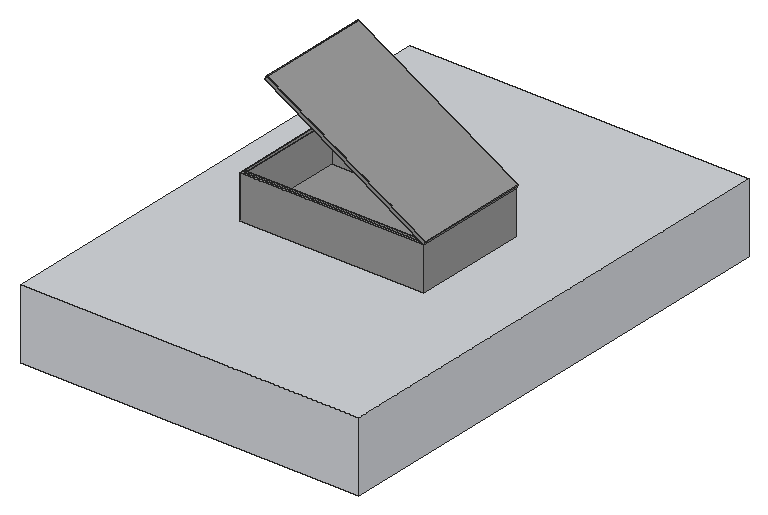
Revit family "Hager-Univers-IP44-D205-H500-Cl.I-Encl-CH-en", category Equipement électrique, Revit 2020
Family settings
  Hôte = Face
  Configuration du panneau = Deux colonnes, circuits au sein
  Cote de connecteur circulaire = Utiliser le diamètre
  Type d'élément = Tableau de raccordement
  Couper avec des vides une fois chargée = Non
  Partagée = Non
  Point de calcul de pièce = Non
Parameters (values of type "Surface mounted (plaster) IP44 W800 H500 D205  - FP33TN2")
  Width Control [instance] = if([EF000008 - Width] > Min Width, [EF000008 - Width], Min Width)  # 800 mm
  Commentaires du type = [HG000003 - Range]  # "Univers"
  Thickness Door [instance] = if([EF009171 - Material plate thickness door/cover] > 3 mm, 3 mm, [EF009171 - Material plate thickness door/cover])  # 1 mm
  Seal Frame Offset [instance] = 17 mm  # constant formula
  Plinth Visibility [instance] = [HG000027 - Plinth height] > 0 mm  # no
  Model = ""
  Min Width [instance] = 100 mm  # constant formula
  Min Height [instance] = 100 mm  # constant formula
  Min Depth [instance] = (2 * [EF009170 - Material plate thickness cabinet]) + 1 mm  # 3 mm
  Internal Frame Depth [instance] = (Door System Depth * 0.5)  # 9 mm
  Height Control [instance] = if([EF000040 - Height] > Min Height, [EF000040 - Height], Min Height)  # 500 mm
  HG000027 - Plinth height = 0 mm
  HG000026 - Floor standing = no
  HG000024 - Bottom section height = 800 mm
  HG000023 - Double section enclosure = no
  HG000016 - Door 3d visibility [instance] = yes
  HG000015 - Clearance visibility [instance] = no
  HG000014 - Door on the right [instance] = yes
  HG000013 - Door on the left [instance] = not([HG000014 - Door on the right])  # no
  HG000012 - Door swing angle [instance] = 30.00°
  HG000010 - Asymmetric doors = no
  HG000009 - Double swing door = no
  HG000006 - Flush mounted = no
  HG000004 - Manufacturer reference = "FP33TN2"
  HG000003 - Range = "Univers"
  HG000002 - With door or cover = yes
  Frame Offset Bottom [instance] = 10 mm  # constant formula
  Frame Offset [instance] = 15 mm  # constant formula
  EF015940 - Cover with overpressure release = no
  EF011959 - Degree of protection (NEMA) = ""
  EF009554 - Number of openings for flange plates = 6
  EF009212 - Cover model = "EV000116 - Closed"
  EF009171 - Material plate thickness door/cover = 1 mm
  EF009170 - Material plate thickness cabinet = 1 mm
  Fabricant = "Hager"  # constant formula
  EF008873 - Nominal current (In) = 250 A
  EF007800 - Suitable for lightning protection = no
  EF006306 - With lock = no
  EF006244 - Transparent cover/door = no
  EF005474 - Degree of protection (IP) = "EV006418 - IP44"
  EF004464 - Type of door = "EV002646 - Single"
  EF004427 - Number of modules = 108
  EF004293 - Impact strength = "EV006815 - IK09"
  EF003532 - Suitable for outdoor use = no
  EF002950 - Width in number of modular spacings = 36
  EF001613 - Circuit integrity = "EV000494 - None"
  EF001596 - Material housing = "EV000179 - Steel"
  EF001131 - Internal depth = 205 mm
  EF001088 - Extension possible = yes
  EF000437 - Number of conduit inlets = 6
  EF000339 - Type of cover = "EV001012 - Cover"
  EF000266 - Number of rows = 3
  EF000218 - Built-in depth = 205 mm
  EF000118 - With mounting plate = no
  EF000116 - RAL-number = "9010"
  EF000049 - Depth = 205 mm
  EF000040 - Height = 500 mm
  EF000008 - Width = 800 mm
  EF000007 - Colour = "EV000202 - White"
  EF000003 - Mounting method = "EV000384 - Surface mounted (plaster)"
  Door System Leaf Tolerance [instance] = 1.5 mm  # constant formula
  Door System Depth [instance] = 18 mm  # constant formula
  Door Height [instance] = Height Control - [HG000027 - Plinth height]  # 500 mm
  Depth Control [instance] = if([EF000049 - Depth] > Min Depth, [EF000049 - Depth], Min Depth)  # 205 mm
  Default Elevation = 0 mm
  Connector Offset [instance] = Height Control / 2  # 250 mm
  Bottom Top Plate Trim [instance] = 1.5 mm  # constant formula
  Plinth height Ctrl [instance] = if([HG000027 - Plinth height] > 0 mm, [HG000027 - Plinth height], 12 mm)  # 12 mm
Types (10, lengths in mm): name | Width Control | HG000010 - Asymmetric doors | HG000009 - Double swing door | HG000004 - Manufacturer reference | EF009554 - Number of openings for flange plates | EF004464 - Type of door | EF004427 - Number of modules | EF002950 - Width in number of modular spacings | EF000437 - Number of conduit inlets | EF000218 - Built-in depth | EF000008 - Width
  Surface mounted (plaster) IP44 W1050 H500 D205  - FP34QT | 1050 | no | no | "FP34QT" | 8 | "EV003602 - Double" | 144 | 48 | 8 | 0 | 1050
  Surface mounted (plaster) IP44 W1050 H500 D205  - FP34TN2 | 1050 | no | yes | "FP34TN2" | 8 | "EV003602 - Double" | 144 | 48 | 8 | 205 | 1050
  Surface mounted (plaster) IP44 W1300 H500 D205  - FP35QT | 1300 | no | no | "FP35QT" | 10 | "EV003602 - Double" | 180 | 60 | 10 | 0 | 1300
  Surface mounted (plaster) IP44 W1300 H500 D205  - FP35TN2 | 1300 | yes | yes | "FP35TN2" | 10 | "EV003602 - Double" | 180 | 60 | 10 | 205 | 1300
  Surface mounted (plaster) IP44 W300 H500 D205  - FP31QT | 300 | no | no | "FP31QT" | 2 | "EV002646 - Single" | 36 | 12 | 2 | 0 | 300
  Surface mounted (plaster) IP44 W300 H500 D205  - FP31TN2 | 300 | no | no | "FP31TN2" | 2 | "EV002646 - Single" | 36 | 12 | 2 | 205 | 300
  Surface mounted (plaster) IP44 W550 H500 D205  - FP32QT | 550 | no | no | "FP32QT" | 4 | "EV002646 - Single" | 72 | 24 | 4 | 0 | 550
  Surface mounted (plaster) IP44 W550 H500 D205  - FP32TN2 | 550 | no | no | "FP32TN2" | 4 | "EV002646 - Single" | 72 | 24 | 4 | 205 | 550
  Surface mounted (plaster) IP44 W800 H500 D205  - FP33QT | 800 | no | no | "FP33QT" | 6 | "EV002646 - Single" | 108 | 36 | 6 | 0 | 800
  Surface mounted (plaster) IP44 W800 H500 D205  - FP33TN2 | 800 | no | no | "FP33TN2" | 6 | "EV002646 - Single" | 108 | 36 | 6 | 205 | 800
Reference planes
  plane 1 "Center (Front/Back)": y = 0
  plane 2: z = 0
  plane 3 "Center (Left/Right)": x = 0
  plane 4: z = 205
  plane 5: y = 1
  plane 6: y = 250
  plane 7: y = 0
  plane 8: y = 500
  plane 9: z = 0
  plane 10: x = -385
  plane 11: x = 385
  plane 12: x = 384
  plane 13: x = -384
  plane 14: y = 499
  plane 15: x = -383
  plane 16: x = -400
  plane 17: x = 383
  plane 18: x = 400
  plane 19: x = 399
  plane 20: x = -399
  plane 21: y = 11
  plane 22: y = 500
  plane 23: y = 484
  plane 24: z = 187
  plane 25: z = 1
  plane 26: z = 186
  plane 27: z = 204
Forms (mm)
  Extrusion 1, solid
    sketch origin (0, 0, 0) x (1, 0, 0) y (0, 1, 0)
      loop
        line (-702.964, 1305) -> (-702.964, -811.445) -> (766.763, -811.445) -> (766.763, 1305) -> (-702.964, 1305)
    from 0 to -304.8
  Extrusion 2, solid, material "Hager_Steel_RAL7035_Light_Grey", visible <- "Plinth Visibility", detail levels medium+fine
    sketch origin (0, 0, 0) x (1, 0, 0) y (0, 1, 0)
      loop
        line (-400, 0) -> (400, 0) -> (400, 12) -> (-400, 12) -> (-400, 0)
    from 0 to 187
  Extrusion 3, solid, material "Hager_Steel_RAL7035_Light_Grey", detail levels medium+fine
    sketch origin (0, 0, 0) x (1, 0, 0) y (0, 1, 0)
      loop
        line (-400, 0) -> (400, 0) -> (400, 500) -> (-400, 500) -> (-400, 0)
    from 0 to 187
  Extrusion 4, void
    sketch origin (0, 0, 0) x (1, 0, 0) y (0, 1, 0)
      loop
        line (-399, 1) -> (399, 1) -> (399, 499) -> (-399, 499) -> (-399, 1)
    from 1 to 186
  Extrusion 5, void
    sketch origin (-381.607, -4572, 187) x (0, -1, 0) y (-1, 0, 0)
      loop
        line (-4583, 2.393) -> (-5056, 2.393) -> (-5056, -765.607) -> (-4583, -765.607) -> (-4583, 2.393)
    from 0 to 1 <- "EF009170 - Material plate thickness cabinet"
  Extrusion 6, solid, material "Hager_Steel_RAL7035_Light_Grey", detail levels fine
    sketch origin (0, 0, 187) x (1, 0, 0) y (0, 1, 0)
      loop
        line (-384, 484) -> (-384, 11) -> (384, 11) -> (384, 484) -> (-384, 484)
      loop
        line (-385, 10) -> (385, 10) -> (385, 485) -> (-385, 485) -> (-385, 10)
    from 0 to 9 <- "Internal Frame Depth"
  Extrusion 7, solid, material "Hager_Steel_RAL7035_Light_Grey", detail levels coarse
    sketch origin (0, 0, 0) x (1, 0, 0) y (0, 1, 0)
      loop
        line (-400, 0) -> (400, 0) -> (400, 500) -> (-400, 500) -> (-400, 0)
    from 0 to 205
  Sweep 8, void
    path in 3D
      loop
        line (-400, 12, 0) -> (400, 12, 0) -> (400, 12, 187) -> (-400, 12, 187) -> (-400, 12, 0)
    profile origin (-400, 12, 93.5) x (-1, 0, 0) y (0, -1, 0)
      loop
        line (0, 0) -> (0, 1.5) -> (-1.5, 1.5)
        arc (-1.5, 1.5) -> (-1.061, 0.439) -> (0, 0) r 1.5
Cuts and joins
  Extrusion 4, Extrusion 5 cuts Extrusion 3
  Sweep 8 cuts Extrusion 2
Lines and regions (mm)
  Masking region 1
    outline origin (0, 0, 0) x (1, 0, 0) y (0, 0, 1)
      loop
        line (-400, 205) -> (-400, 0) -> (400, 0) -> (400, 205) -> (-400, 205)
  Masking region 2, detail levels medium+fine
    outline origin (0, 140, 0) x (0, 1, 0) y (0, 0, 1)
      loop
        line (-140, 0) -> (360, 0) -> (360, 187) -> (-140, 187) -> (-140, 0)
  Masking region 3, not visible, detail levels medium+fine
    outline origin (0, 297.922, 0) x (0, 1, 0) y (0, 0, 1)
      loop
        line (-36.422, 0) -> (3.578, 0) -> (3.578, 194)
        arc (3.578, 194) -> (0.649, 201.071) -> (-6.422, 204) r 10
        line (-6.422, 204) -> (-36.422, 204) -> (-36.422, 0)
  Masking region 4, detail levels coarse
    outline origin (0, 0, 180) x (0, 1, 0) y (0, 0, 1)
      loop
        line (0, -180) -> (500, -180) -> (500, 25) -> (0, 25) -> (0, -180)
  Masking region 5, visible <- "Plinth Visibility", detail levels medium+fine
    outline origin (0, 52.24, 12.345) x (0, 0, -1) y (0, 1, 0)
      loop
        line (10.845, -40.24) -> (-173.155, -40.24)
        arc (-173.155, -40.24) -> (-173.594, -41.301) -> (-174.655, -41.74) r 1.5
        line (-174.655, -41.74) -> (-174.655, -52.24) -> (12.345, -52.24) -> (12.345, -41.74)
        arc (12.345, -41.74) -> (11.285, -41.301) -> (10.845, -40.24) r 1.5
  Masking region 6, detail levels medium+fine
    outline origin (-381.607, -4572, 187) x (-1, 0, 0) y (0, -1, 0)
      loop
        line (18.393, -5072) -> (18.393, -4572) -> (-781.607, -4572) -> (-781.607, -5072) -> (18.393, -5072)
  Masking region 7, visible <- "Plinth Visibility", detail levels medium+fine
    outline origin (-381.607, -4727, 187) x (-1, 0, 0) y (0, -1, 0)
      loop
        arc (16.893, -4739) -> (17.332, -4737.939) -> (18.393, -4737.5) r 1.5
        line (18.393, -4737.5) -> (18.393, -4727) -> (-781.607, -4727) -> (-781.607, -4737.5)
        arc (-781.607, -4737.5) -> (-780.546, -4737.939) -> (-780.107, -4739) r 1.5
        line (-780.107, -4739) -> (16.893, -4739)
  Masking region 8, detail levels coarse
    outline origin (-442.548, -4669.526, 187) x (-1, 0, 0) y (0, -1, 0)
      loop
        line (-42.548, -5169.526) -> (-42.548, -4669.526) -> (-842.548, -4669.526) -> (-842.548, -5169.526) -> (-42.548, -5169.526)
  sketch lines
    curve 1: line (-400, 12, 187) -> (-400, 12, 0)
    curve 2: line (400, 12, 187) -> (-400, 12, 187)
    curve 3: line (400, 12, 187) -> (400, 12, 0)
    curve 4: line (-400, 12, 0) -> (400, 12, 0)
Dimensions and locks
  "Depth Control": plane 4 to Extrusion 1
  "HG000027 - Plinth height": plane 1 "Center (Front/Back)" to plane 7
  "EF009170 - Material plate thickness cabinet": plane 5 to plane 7
  locked: connector elem to plane 3 "Center (Left/Right)"
  equal spacing: plane 8, plane 6, plane 7
  locked: connector elem to plane 6
  "EF009170 - Material plate thickness cabinet": plane 8 to plane 14
  "EF009170 - Material plate thickness cabinet": plane 10 to plane 13
  "EF009170 - Material plate thickness cabinet": plane 12 to plane 11
  "Frame Offset": plane 20 to plane 13
  "Frame Offset": plane 12 to plane 19
  "EF009170 - Material plate thickness cabinet": plane 16 to plane 20
  "EF009170 - Material plate thickness cabinet": plane 19 to plane 18
  "Seal Frame Offset": plane 16 to plane 15
  "Seal Frame Offset": plane 17 to plane 18
  "Frame Offset Bottom": plane 21 to plane 5
  "Frame Offset": plane 14 to plane 23
  equal spacing: plane 16, plane 3 "Center (Left/Right)", plane 18
  "Width Control": plane 16 to plane 18
  "EF009170 - Material plate thickness cabinet": plane 4 to plane 27
  "EF009170 - Material plate thickness cabinet": plane 24 to plane 26
  "EF009170 - Material plate thickness cabinet": plane 25 to level
  "Door System Depth": plane 4 to plane 24
  "Height Control": plane 1 "Center (Front/Back)" to Extrusion 7 sketch curve
  "Height Control": Masking region 4 sketch curve to plane 1 "Center (Front/Back)"
  "Height Control": plane 1 "Center (Front/Back)" to plane 22
  "Bottom Top Plate Trim": profile plane to Sweep 8 sketch curve
  "Bottom Top Plate Trim": Sweep 8 sketch curve to profile plane
  "Plinth height Ctrl": plane 1 "Center (Front/Back)" to Extrusion 2 sketch curve
  "Plinth height Ctrl": Masking region 5 sketch curve to plane 1 "Center (Front/Back)"
  "Plinth height Ctrl": plane 1 "Center (Front/Back)" to Masking region 7 sketch curve
  "Thickness Door": Extrusion 6 sketch curve to Extrusion 6 sketch curve  (x3)
  "Thickness Door": cut or joined group of Extrusion 3, Extrusion 4, Extrusion 5 to Extrusion 6 sketch curve
  radius of Masking region 3 sketch curve = 10 mm
  "Bottom Top Plate Trim": radius of Masking region 5 sketch curve  (x2)
  "Bottom Top Plate Trim": radius of Sweep 8 sketch curve
  "Bottom Top Plate Trim": radius of Masking region 7 sketch curve  (x2)
  aligned and locked: plane 2 to Extrusion 1
  aligned and locked: level to Extrusion 1
  aligned and locked: level to Masking region 1 sketch curve
  aligned and locked: Masking region 1 sketch curve to plane 18
  aligned and locked: Masking region 1 sketch curve to plane 16
  aligned and locked: plane 7 to Masking region 2 sketch curve
  aligned and locked: level to Masking region 3 sketch curve
  aligned and locked: Masking region 3 sketch curve to plane 27
  aligned and locked: level to Masking region 2 sketch curve
  aligned and locked: plane 1 "Center (Front/Back)" to Extrusion 2 sketch curve
  aligned and locked: Extrusion 3 sketch curve to plane 7
  aligned and locked: plane 16 to Extrusion 3 sketch curve
  aligned and locked: plane 18 to Extrusion 3 sketch curve
  aligned and locked: plane 20 to Extrusion 4 sketch curve
  aligned and locked: plane 19 to Extrusion 4 sketch curve
  aligned and locked: Extrusion 4 sketch curve to plane 5
  aligned and locked: Extrusion 4 to plane 25
  aligned and locked: plane 26 to Extrusion 4
  aligned and locked: plane 24 to Extrusion 3
  aligned and locked: Extrusion 5 sketch curve to plane 21
  aligned and locked: Extrusion 5 sketch curve to plane 13
  aligned and locked: Extrusion 5 sketch curve to plane 12
  aligned and locked: plane 18 to Extrusion 7 sketch curve
  aligned and locked: plane 1 "Center (Front/Back)" to Extrusion 7 sketch curve
  aligned and locked: plane 16 to Extrusion 7 sketch curve
  aligned and locked: plane 4 to Extrusion 7
  aligned and locked: Extrusion 7 to level
  aligned and locked: level to Masking region 4 sketch curve
  aligned and locked: Masking region 4 sketch curve to plane 1 "Center (Front/Back)"
  aligned and locked: Masking region 4 sketch curve to plane 4
  aligned and locked: nested 1 to level
  aligned and locked: nested 1 to plane 16
  aligned and locked: plane 8 to Extrusion 3 sketch curve
  aligned and locked: plane 23 to Extrusion 5 sketch curve
  aligned and locked: plane 14 to Extrusion 4 sketch curve
  aligned and locked: Masking region 2 sketch curve to plane 8
  aligned and locked: level to Masking region 5 sketch curve
  aligned and locked: plane 16 to Extrusion 2 sketch curve
  aligned and locked: plane 18 to Extrusion 2 sketch curve
  aligned and locked: Masking region 5 sketch curve to plane 24
  aligned and locked: Masking region 2 sketch curve to plane 24
  aligned and locked: plane 24 to Extrusion 2
  aligned and locked: profile plane to Sweep 8 sketch curve  (x2)
  aligned and locked: Masking region 6 sketch curve to plane 18
  aligned and locked: Masking region 6 sketch curve to plane 22
  aligned and locked: Masking region 6 sketch curve to plane 16
  aligned and locked: plane 8 to plane 22
  aligned and locked: Masking region 6 sketch curve to plane 7
  aligned and locked: Masking region 7 sketch curve to plane 16
  aligned and locked: Masking region 7 sketch curve to plane 1 "Center (Front/Back)"
  aligned and locked: Masking region 7 sketch curve to plane 18
  aligned and locked: Masking region 8 sketch curve to plane 1 "Center (Front/Back)"
  aligned and locked: Masking region 8 sketch curve to plane 18
  aligned and locked: Masking region 8 sketch curve to plane 22
  aligned and locked: Masking region 8 sketch curve to plane 16
  aligned and locked: nested 2 to plane 7
  aligned and locked: plane 3 "Center (Left/Right)" to nested 2
  aligned and locked: nested 2 to plane 24
  aligned and locked: Extrusion 6 sketch curve to cut or joined group of Extrusion 3, Extrusion 4, Extrusion 5  (x4)
Automatic sketch dimensions
  Extrusion 1 sketch curve to Extrusion 1 sketch curve = 1469.727 mm
  Extrusion 1 sketch curve to Extrusion 1 sketch curve = 2116.445 mm
  Masking region 1 sketch curve to plane 4 = 0 mm
  plane 6 to Masking region 3 sketch curve = 11.5 mm
  Masking region 3 sketch curve to Masking region 3 sketch curve = 30 mm
  Masking region 5 sketch curve to plane 1 "Center (Front/Back)" = 0 mm
Nested families
  nested 1: "Hager_Enclosure_Symbol" at (-400, 0, 0) x (1, 0, 0) z (0, -1, 0), Height <- "Depth Control", Width <- "Width Control", type "Hager_Enclosure_Symbol"
    with Width_Ctrl 800 mm, Width 800 mm, Height_Ctrl 205 mm, Height 205 mm, A_Width_Int 13.453 mm, A_Width 161.438 mm, A_Height_Ctrl 179.375 mm, A_Height 179.375 mm
  nested 2: "EC000058_Univers_Door" at (0, 0, 187) x (1, 0, 0) z (0, 1, 0), Leaf_Tolerance <- "Door System Leaf Tolerance", Angle <- "HG000012 - Door swing angle", Door_Depth <- "Door System Depth", Door_Left <- "HG000013 - Door on the left", Transparent <- "EF006244 - Transparent cover/door", Assymetrical <- "HG000010 - Asymmetric doors", Width <- "Width Control", Clearance <- "HG000015 - Clearance visibility", Double <- "HG000009 - Double swing door", 3d_Door <- "HG000016 - Door 3d visibility", Lock_Visibility <- "EF006306 - With lock", Width_Ctrl <- "Width Control", Door_Right <- "HG000014 - Door on the right", Door <- "HG000002 - With door or cover", Height <- "Door Height", Thickness <- "Thickness Door", type "EC000058_Univers_Door", detail levels medium+fine
    with min_wh 3 mm, Width_Ctrl 800 mm, Width 800 mm, Transparent no, Thickness 1 mm, Seal_Material Hager_Rubber, Lock_Visibility no, Lock_Material Hager_Plastic_RAL9005_Jet_Black, Leaf_Width 800 mm, Leaf_Tolerance_External_Sides 0 mm, Leaf_Tolerance 1.5 mm, Leaf_Offset 0 mm, Leaf_Height 497 mm, Leaf_2_Width 800 mm, Leaf_2_Offset 400 mm, Leaf_1_Width 800 mm, Leaf_1_Offset 400 mm, Height_Ctrl 500 mm, Height 500 mm, Glass_Material Hager_Glass, Double_Clearance_Ctrl no, Double no, Door_Right_Ctrl yes, Door_Right yes, Door_Material Hager_Steel_RAL7035_Light_Grey, Door_Left_Ctrl no, Door_Left no, Door_Depth 18 mm, Door yes, Clearance_Material Hager_Clearance, Clearance_Depth 800 mm, Clearance_Ctrl no, Clearance no, Assymetrical no, Angle 30.00°, 3d_Door yes
Connectors
  electrical at (0, 250, 0)
    settings: on plane 9, index 1, voltage 0 V, apparent load 0 VA, apparent load phase1 0 VA, apparent load phase2 0 VA, apparent load phase3 0 VA, power factor 1, load classification "Other", number of poles 1, system type 30, power factor state 1, is connector primary yes, connector utility no, sub classification motor no, connector description ""
Definition of nested family "EC000058_Univers_Door"
  Parameters (values of type "EC000058_Univers_Door")
    min_wh [instance] = (2 * Thickness) + 1 mm  # 11 mm
    Width_Ctrl [instance] = 400 mm
    Width [instance] = 500 mm
    Transparent [instance] = yes
    Thickness [instance] = 5 mm
    Seal_Material [instance] = none
    Lock_Visibility [instance] = yes
    Lock_Material [instance] = none
    Leaf_Width [instance] = if((Width_Ctrl - 2 * Leaf_Tolerance_External_Sides) > 0 mm, (Width_Ctrl - 2 * Leaf_Tolerance_External_Sides), min_wh)  # 400 mm
    Leaf_Tolerance_External_Sides [instance] = 0 mm  # constant formula
    Leaf_Tolerance [instance] = 1.5 mm
    Leaf_Offset [instance] = 0 mm  # constant formula
    Leaf_Height [instance] = if((Height_Ctrl - 2 * Leaf_Tolerance) > 0 mm, (Height_Ctrl - 2 * Leaf_Tolerance), min_wh)  # 497 mm
    Leaf_2_Width [instance] = if(and(and(Double, Assymetrical), Door_Left), (Leaf_Width / 3) - (Leaf_Tolerance / 2), if(and(and(Double, Assymetrical), Door_Right), (Leaf_Width / 3) * 2 - (Leaf_Tolerance / 2), if(and(Double, not(Assymetrical)), (Leaf_Width / 2) - Leaf_Tolerance, Leaf_Width)))  # 400 mm
    Leaf_2_Offset [instance] = if(and(Double, Assymetrical), Leaf_2_Width / 2, if(and(Double, not(Assymetrical)), Leaf_Width / 4, Leaf_Width / 2))  # 200 mm
    Leaf_1_Width [instance] = if(and(and(Double, Assymetrical), Door_Right), (Leaf_Width / 3) - (Leaf_Tolerance / 2), if(and(and(Double, Assymetrical), Door_Left), (Width / 3) * 2 - (Leaf_Tolerance / 2), if(and(Double, not(Assymetrical)), (Leaf_Width / 2) - Leaf_Tolerance, Leaf_Width)))  # 400 mm
    Leaf_1_Offset [instance] = if(and(Double, Assymetrical), Leaf_1_Width / 2, if(and(Double, not(Assymetrical)), Leaf_Width / 4, Leaf_Width / 2))  # 200 mm
    Height_Ctrl [instance] = if(Height > min_wh, Height, min_wh)  # 500 mm
    Height [instance] = 500 mm
    Glass_Material [instance] = none
    Double_Clearance_Ctrl [instance] = and(Double, Clearance)  # no
    Double [instance] = no
    Door_Right_Ctrl [instance] = and(or(Door_Right, Double), Door)  # yes
    Door_Right [instance] = yes
    Door_Material [instance] = none
    Door_Left_Ctrl [instance] = and(or(Door_Left, Double), Door)  # no
    Door_Left [instance] = no
    Door_Depth [instance] = 30 mm
    Door [instance] = yes
    Default Elevation = 1219.2 mm
    Clearance_Material [instance] = none
    Clearance_Depth [instance] = if(Leaf_1_Width > Leaf_2_Width, Leaf_1_Width, Leaf_2_Width)  # 400 mm
    Clearance_Ctrl [instance] = and(not(Double), Clearance)  # yes
    Clearance [instance] = yes
    Assymetrical [instance] = yes
    Angle [instance] = 30.00°
    3d_Door [instance] = yes
  Reference planes
    plane 1 "Center (Front/Back)": y = 0
    plane 2 "Bottom": z = 0
    plane 3 "Center (Left/Right)": x = 0
    plane 4: z = 500
    plane 5: x = -200
    plane 6: x = 200
    plane 7: z = 500
    plane 8: x = -200
    plane 9: z = 0
    plane 10: x = 200
    plane 11: y = 0
    plane 12: z = 1.5
    plane 13: x = -600
    plane 14: y = -400
    plane 15: x = 600
    plane 16: x = 0
    plane 17: x = 0
    plane 18: x = -200
    plane 19: x = 200
    plane 20: z = 498.5
  Forms (mm)
    Extrusion 1, solid, material <- "Clearance_Material", visible <- "Double_Clearance_Ctrl"
      sketch origin (1200, 0, 0) x (1, 0, 0) y (0, 0, -1)
        loop
          line (-1800, -498.5) -> (-600, -498.5) -> (-600, 0) -> (-1800, 0) -> (-1800, -498.5)
      from 0 to -400
  Dimensions and locks
    equal spacing: plane 5, plane 3 "Center (Left/Right)", plane 6
    "Width_Ctrl": plane 5 to plane 6
    "Leaf_Offset": plane 5 to plane 8
    "Leaf_Offset": plane 6 to plane 10
    "Leaf_Offset": plane 9 to level
    "Leaf_Offset": plane 4 to plane 7
    "Height_Ctrl": plane 4 to level
    "Leaf_Tolerance": plane 12 to plane 9
    locked: plane 11 to plane 1 "Center (Front/Back)"
    "Leaf_1_Offset": plane 18 to plane 16
    "Leaf_2_Offset": plane 17 to plane 19
    "Leaf_1_Width": plane 13 to plane 8
    "Leaf_2_Width": plane 10 to plane 15
    "Clearance_Depth": plane 14 to plane 1 "Center (Front/Back)"
    "Leaf_Tolerance_External_Sides": plane 8 to plane 18
    "Leaf_Tolerance_External_Sides": plane 19 to plane 10
    "Leaf_Tolerance": plane 7 to plane 20
    aligned and locked: level to plane 2 "Bottom"
    aligned and locked: nested 1 to plane 16
    aligned and locked: nested 2 to plane 17
    aligned and locked: Extrusion 1 to plane 13
    aligned and locked: plane 15 to Extrusion 1
    aligned and locked: Extrusion 1 to plane 14
    aligned and locked: plane 12 to nested 1
    aligned and locked: nested 2 to plane 12
    aligned and locked: Extrusion 1 to plane 11
    aligned and locked: plane 20 to Extrusion 1
    aligned and locked: nested 2 to plane 11
    aligned and locked: nested 1 to plane 11
  Automatic sketch dimensions
    Extrusion 1 sketch curve to level = 0 mm
    plane 5 to Extrusion 1 sketch curve = 400 mm
    plane 6 to Extrusion 1 sketch curve = 400 mm
    Extrusion 1 sketch curve to plane 4 = 1.5 mm
  Nested families
    nested 1: "EC000058_Univers_Door_Leaf" at (0, 0, 1.5), Width <- "Leaf_1_Width", visible <- "Door_Left_Ctrl", Leaf_Height <- "Leaf_Height", Angle <- "Angle", 3d_Door <- "3d_Door", Transparent <- "Transparent", Clearance Material <- "Clearance_Material", Clearance <- "Clearance_Ctrl", Door_Material <- "Door_Material", Glass_Material <- "Glass_Material", Door_Depth <- "Door_Depth", Lock_Material <- "Lock_Material", Seal_Material <- "Seal_Material", Lock_Visibility <- "Lock_Visibility", Thickness <- "Thickness", type "EC000058_Univers_Door_Leaf"
      with Width 400 mm, Transparent_Glass_Offset 30 mm, Transparent_Ctrl yes, Transparent yes, Thickness 5 mm, Standard no, Seal_Material none, Seal_D2 8 mm, Seal_D1 1 mm, Offset_Internal_Frame 10 mm, Lock_Width 20 mm, Lock_Visibility_3d yes, Lock_Visibility yes, Lock_Thickness_3 3 mm, Lock_Thickness_2 1 mm, Lock_Thickness_1 3 mm, Lock_Radius_Offset_2 16 mm, Lock_Radius_Offset_1 15 mm, Lock_Radius_2 5 mm, Lock_Radius 6 mm, Lock_Offset 5 mm, Lock_Material none, Lock_Height 80 mm, Lock_Cover_Top_Offset_2d 17 mm, Lock_Cover_Height -65 mm, Leaf_Height 497 mm, Internal_Seal_Thickness 8 mm, Internal_Seal_Depth_2 4.5 mm, Internal_Frame_Depth 25 mm, Glass_Thickness -1 mm, Glass_Offset -2 mm, Glass_Material none, Door_Material none, Door_Depth 30 mm, Clearance Material none, Clearance yes, Angle_Ctrl 30.00°, Angle 30.00°, 3d_Door yes
    nested 2: "EC000058_Univers_Door_Leaf" at (0, 0, 1.5) x (-1, 0, 0) z (0, 0, 1), Width <- "Leaf_2_Width", visible <- "Door_Right_Ctrl", Leaf_Height <- "Leaf_Height", Angle <- "Angle", 3d_Door <- "3d_Door", Transparent <- "Transparent", Clearance Material <- "Clearance_Material", Clearance <- "Clearance_Ctrl", Door_Material <- "Door_Material", Glass_Material <- "Glass_Material", Door_Depth <- "Door_Depth", Lock_Material <- "Lock_Material", Seal_Material <- "Seal_Material", Lock_Visibility <- "Lock_Visibility", Thickness <- "Thickness", type "EC000058_Univers_Door_Leaf"
      with Width 400 mm, Transparent_Glass_Offset 30 mm, Transparent_Ctrl yes, Transparent yes, Thickness 5 mm, Standard no, Seal_Material none, Seal_D2 8 mm, Seal_D1 1 mm, Offset_Internal_Frame 10 mm, Lock_Width 20 mm, Lock_Visibility_3d yes, Lock_Visibility yes, Lock_Thickness_3 3 mm, Lock_Thickness_2 1 mm, Lock_Thickness_1 3 mm, Lock_Radius_Offset_2 16 mm, Lock_Radius_Offset_1 15 mm, Lock_Radius_2 5 mm, Lock_Radius 6 mm, Lock_Offset 5 mm, Lock_Material none, Lock_Height 80 mm, Lock_Cover_Top_Offset_2d 17 mm, Lock_Cover_Height -65 mm, Leaf_Height 497 mm, Internal_Seal_Thickness 8 mm, Internal_Seal_Depth_2 4.5 mm, Internal_Frame_Depth 25 mm, Glass_Thickness -1 mm, Glass_Offset -2 mm, Glass_Material none, Door_Material none, Door_Depth 30 mm, Clearance Material none, Clearance yes, Angle_Ctrl 30.00°, Angle 30.00°, 3d_Door yes
  Definition of nested family "EC000058_Univers_Door_Leaf"
    Parameters (values of type "EC000058_Univers_Door_Leaf")
      Width [instance] = 2000 mm
      Transparent_Glass_Offset [instance] = 30 mm
      Transparent_Ctrl [instance] = and(Transparent, [3d_Door])  # yes
      Transparent [instance] = yes
      Thickness [instance] = 5 mm
      Standard [instance] = and(not(Transparent), [3d_Door])  # no
      Seal_Material [instance] = none
      Seal_D2 [instance] = 8 mm  # constant formula
      Seal_D1 [instance] = 1 mm  # constant formula
      Offset_Internal_Frame [instance] = 10 mm  # constant formula
      Lock_Width [instance] = 20 mm  # constant formula
      Lock_Visibility_3d [instance] = and(Lock_Visibility, [3d_Door])  # yes
      Lock_Visibility [instance] = yes
      Lock_Thickness_3 [instance] = 3 mm  # constant formula
      Lock_Thickness_2 [instance] = 1 mm  # constant formula
      Lock_Thickness_1 [instance] = 3 mm  # constant formula
      Lock_Radius_Offset_2 [instance] = Lock_Radius_Offset_1 + 1 mm  # 16 mm
      Lock_Radius_Offset_1 [instance] = 15 mm  # constant formula
      Lock_Radius_2 [instance] = Lock_Radius - 1 mm  # 5 mm
      Lock_Radius [instance] = 6 mm  # constant formula
      Lock_Offset [instance] = 5 mm  # constant formula
      Lock_Material [instance] = none
      Lock_Height [instance] = 80 mm  # constant formula
      Lock_Cover_Top_Offset_2d [instance] = Lock_Radius_Offset_2 + 1 mm  # 17 mm
      Lock_Cover_Height [instance] = -(Lock_Height - Lock_Radius_Offset_1)  # -65 mm
      Leaf_Height [instance] = 2720.336 mm
      Internal_Seal_Thickness [instance] = 8 mm  # constant formula
      Internal_Seal_Depth_2 [instance] = 4.5 mm  # constant formula
      Internal_Frame_Depth [instance] = if(Door_Depth - Thickness > 5 mm, Door_Depth - Thickness, 5 mm)  # 25 mm
      Glass_Thickness [instance] = if(Thickness > 15 mm, Glass_Offset + 10 mm, -1 mm)  # -1 mm
      Glass_Offset [instance] = if(Thickness > 15 mm, -(Thickness + 10 mm) / 2, -2 mm)  # -2 mm
      Glass_Material [instance] = none
      Door_Material [instance] = none
      Door_Depth [instance] = 30 mm
      Default Elevation = 0 mm
      Clearance Material [instance] = none
      Clearance [instance] = yes
      Angle_Ctrl [instance] = if(Angle > 180.00°, 180.00°, Angle)  # 90.00°
      Angle [instance] = 90.00°
      3d_Door [instance] = yes
    Reference planes
      plane 1 "Center (Front/Back)": y = 0
      plane 2: z = 0
      plane 3 "Center (Left/Right)": x = 0
      plane 4: y = 2000
      plane 5: x = -1000
      plane 6: x = 1000
      plane 7: x = -3000
      plane 8: z = 2720.336
      plane 9: z = 30
      plane 10: z = 2690.336
      plane 11: x = 970
      plane 12: x = -970
      plane 13: y = -3
      plane 14: z = 107.833
      plane 15: y = -5
      plane 16: y = -223.314
      plane 17: x = -1000
      plane 18: z = 1360.168
      plane 19: y = 30
    Forms (mm)
      Extrusion 1, solid, material <- "Clearance Material", visible <- "Clearance"
        sketch origin (0, 0, 0) x (1, 0, 0) y (0, 0, 1)
          loop
            line (-3000, 2720.336) -> (-3000, 0) -> (1000, 0) -> (1000, 2720.336) -> (-3000, 2720.336)
        from 0 to -2000
      Extrusion 2, solid, material <- "Door_Material", visible <- "Standard", detail levels medium+fine
        sketch origin (-1000, 0, 0) x (0, 1, 0) y (-1, 0, 0)
          loop
            line (0, 30) -> (0, 25) -> (2000, 25) -> (2000, 30) -> (0, 30)
        from 0 to 2720.336 <- "Leaf_Height"
      Extrusion 3, solid, material <- "Door_Material", visible <- "Transparent_Ctrl", detail levels medium+fine
        sketch origin (-1000, 0, 0) x (0, 1, 0) y (-1, 0, 0)
          loop
            line (0, 25) -> (2000, 25) -> (2000, 30) -> (0, 30) -> (0, 25)
        from 0 to 2720.336 <- "Leaf_Height"
      Extrusion 4, void
        sketch origin (-1025, 2000, 0) x (0, 1, 0) y (0, 0, -1)
          loop
            line (-30, -2690.336) -> (-30, -30) -> (-1970, -30) -> (-1970, -2690.336) -> (-30, -2690.336)
        from 0 to 5 <- "Thickness"
      Sweep 5, solid, material <- "Seal_Material", visible <- "Transparent_Ctrl", detail levels fine
        path in 3D
          loop
            line (-1025, 30, 30) -> (-1025, 30, 2690.336) -> (-1025, 1970, 2690.336) -> (-1025, 1970, 30) -> (-1025, 30, 30)
        profile origin (-1025, 1000, 30) x (1, 0, 0) y (0, 0, 1)
          loop
            line (0, 0) -> (0, -8) -> (1, -8) -> (1, 0) -> (0, 0)
      Extrusion 6, solid, material <- "Glass_Material", visible <- "Transparent_Ctrl", detail levels medium+fine
        sketch origin (-1030, 0, 0) x (0, 1, 0) y (0, 0, -1)
          loop
            line (1970, -2690.336) -> (1970, -30) -> (30, -30) -> (30, -2690.336) -> (1970, -2690.336)
        from -2 <- "Glass_Offset" to -1 <- "Glass_Thickness"
      Extrusion 7, solid, material <- "Door_Material", visible <- "3d_Door", detail levels medium+fine
        sketch origin (-1025, 2000, 0) x (0, -1, 0) y (0, 0, -1)
          loop
            line (0, -2720.336) -> (2000, -2720.336) -> (2000, 0) -> (0, 0) -> (0, -2720.336)
          loop
            line (1995, -5) -> (5, -5) -> (5, -2715.336) -> (1995, -2715.336) -> (1995, -5)
        from 0 to 25 <- "Internal_Frame_Depth"
      Sweep 8, solid, material <- "Seal_Material", visible <- "Transparent_Ctrl", detail levels fine
        path in 3D
          loop
            line (-1025, 0, 0) -> (-1025, 2000, 0) -> (-1025, 2000, 2720.336) -> (-1025, 0, 2720.336) -> (-1025, 0, 0)
        profile origin (-1025, 0, 1360.168) x (1, 0, 0) y (0, 1, 0)
          loop
            line (0, 10) -> (2.975, 10)
            arc (2.975, 10) -> (4.053, 10.447) -> (4.5, 11.525) r 1.525
            line (4.5, 11.525) -> (4.5, 16.527)
            arc (4.5, 16.527) -> (4.069, 17.569) -> (3.027, 18) r 1.473
            line (3.027, 18) -> (0, 18) -> (0, 10)
      Extrusion 9, solid, material <- "Lock_Material", visible <- "Lock_Visibility_3d", detail levels fine
        sketch origin (-1030, 0, 0) x (0, 1, 0) y (0, 0, -1)
          loop
            arc (1993.5, -1400.168) -> (1994.561, -1399.729) -> (1995, -1398.668) r 1.5
            line (1995, -1398.668) -> (1995, -1320.168) -> (1975, -1320.168) -> (1975, -1398.668)
            arc (1975, -1398.668) -> (1975.439, -1399.729) -> (1976.5, -1400.168) r 1.5
            line (1976.5, -1400.168) -> (1993.5, -1400.168)
        from 3 <- "Lock_Thickness_1" to 0
      Blend 10, solid, material <- "Lock_Material", visible <- "Lock_Visibility_3d", detail levels fine
        base sketch origin (-1033, 0, 0) x (0, 1, 0) y (0, 0, -1)
          loop
            line (1975, -1320.168) -> (1975, -1398.668)
            arc (1975, -1398.668) -> (1975.439, -1399.729) -> (1976.5, -1400.168) r 1.5
            line (1976.5, -1400.168) -> (1993.5, -1400.168)
            arc (1993.5, -1400.168) -> (1994.561, -1399.729) -> (1995, -1398.668) r 1.5
            line (1995, -1398.668) -> (1995, -1320.168) -> (1975, -1320.168)
        top sketch origin (-1033, 0, 0) x (0, 1, 0) y (0, 0, -1)
          loop
            line (1976, -1320.168) -> (1976, -1398.668)
            arc (1976, -1398.668) -> (1976.146, -1399.022) -> (1976.5, -1399.168) r 0.5
            line (1976.5, -1399.168) -> (1993.5, -1399.168)
            arc (1993.5, -1399.168) -> (1993.854, -1399.022) -> (1994, -1398.668) r 0.5
            line (1994, -1398.668) -> (1994, -1320.168) -> (1976, -1320.168)
        from 0 to 1 <- "Lock_Thickness_2"
      Blend 11, solid, material <- "Lock_Material", visible <- "Lock_Visibility_3d", detail levels fine
        base sketch origin (-1034, 0, 0) x (0, 1, 0) y (0, 0, -1)
          loop
            line (1978, -1320.168) -> (1978, -1384.168)
            arc (1978, -1384.168) -> (1985, -1391.168) -> (1992, -1384.168) r 7
            line (1992, -1384.168) -> (1992, -1320.168) -> (1978, -1320.168)
        top sketch origin (-1034, 0, 0) x (0, 1, 0) y (0, 0, -1)
          loop
            line (1991, -1320.168) -> (1979, -1320.168) -> (1979, -1383.168)
            arc (1979, -1383.168) -> (1985, -1389.168) -> (1991, -1383.168) r 6
            line (1991, -1383.168) -> (1991, -1320.168)
        from 0 to 3 <- "Lock_Thickness_3"
      Extrusion 12, solid, material <- "Lock_Material", visible <- "Lock_Visibility_3d", detail levels fine
        sketch origin (-1030, 1975, 1320.168) x (1, 0, 0) y (0, -1, 0)
          loop
            line (-7, -19) -> (-7, -1) -> (0, -1) -> (0, 0) -> (-8, 0) -> (-8, -20) -> (0, -20) -> (0, -19) -> (-7, -19)
        from 0 to -65 <- "Lock_Cover_Height"
      Extrusion 13, void
        sketch origin (-1038, 1995, 1320.168) x (-1, 0, 0) y (0, 0, -1)
          loop
            line (-5, -65) -> (0, -65) -> (-5, -60) -> (-5, -65)
        from 0 to 20 <- "Lock_Width"
      Extrusion 14, void
        sketch origin (-1038, 1975, 1320.168) x (0, -1, 0) y (0, 0, -1)
          loop
            circle (-10, -15.995) r 6
          loop
            circle (-10, -15.995) r 5
        from 0 to 2
      Extrusion 15, solid, material <- "Lock_Material", visible <- "Lock_Visibility_3d", detail levels medium
        sketch origin (-1030, 0, 0) x (0, 1, 0) y (0, 0, -1)
          loop
            arc (1993.5, -1400.168) -> (1994.561, -1399.729) -> (1995, -1398.668) r 1.5
            line (1995, -1398.668) -> (1995, -1320.168) -> (1975, -1320.168) -> (1975, -1398.668)
            arc (1975, -1398.668) -> (1975.439, -1399.729) -> (1976.5, -1400.168) r 1.5
            line (1976.5, -1400.168) -> (1993.5, -1400.168)
        from 8 to 0
    Cuts and joins
      Extrusion 4 cuts Extrusion 3
      Extrusion 13, Extrusion 14 cuts Extrusion 9
      Extrusion 14 cuts Blend 11
      Extrusion 13, Extrusion 14 cuts Extrusion 12
      joined: Extrusion 9, Blend 10, Blend 11, Extrusion 12
      Extrusion 14 cuts Extrusion 15
    Lines and regions (mm)
      Masking region 1, visible <- "Lock_Visibility", detail levels fine
        outline origin (0, 0, 0) x (0, 1, 0) y (0, 0, 1)
          loop
            line (30, 1320.168) -> (33, 1320.168) -> (33, 1400.168) -> (30, 1400.168) -> (30, 1320.168)
      Masking region 2, visible <- "Lock_Visibility", detail levels fine
        outline origin (0, 3.143, 0) x (0, 1, 0) y (0, 0, 1)
          loop
            line (29.857, 1354.168) -> (30.857, 1354.168) -> (30.857, 1366.168) -> (29.857, 1366.168) -> (29.857, 1354.168)
      Masking region 3, detail levels medium+fine
        outline origin (0, 0, 0) x (0, 1, 0) y (0, 0, 1)
          loop
            line (0, 0) -> (30, 0) -> (30, 2720.336) -> (0, 2720.336) -> (0, 0)
      Masking region 4, detail levels medium+fine
        outline origin (0, 0, 0) x (1, 0, 0) y (0, 0, 1)
          loop
            line (-1000, 2720.336) -> (-1000, 0) -> (1000, 0) -> (1000, 2720.336) -> (-1000, 2720.336)
      Masking region 5, visible <- "Lock_Visibility", detail levels fine
        outline origin (-47.116, 0, 0) x (1, 0, 0) y (0, 0, 1)
          loop
            arc (1024.616, 1399.168) -> (1023.556, 1398.729) -> (1023.116, 1397.668) r 1.5
            line (1023.116, 1397.668) -> (1023.116, 1320.168) -> (1041.116, 1320.168) -> (1041.116, 1397.668)
            arc (1041.116, 1397.668) -> (1040.677, 1398.729) -> (1039.616, 1399.168) r 1.5
            line (1039.616, 1399.168) -> (1024.616, 1399.168)
      Masking region 6, visible <- "Lock_Visibility", detail levels medium+fine
        outline origin (-25, 0, 0) x (1, 0, 0) y (0, 0, 1)
          loop
            arc (1001.5, 1400.168) -> (1000.439, 1399.729) -> (1000, 1398.668) r 1.5
            line (1000, 1398.668) -> (1000, 1320.168) -> (1020, 1320.168) -> (1020, 1398.668)
            arc (1020, 1398.668) -> (1019.561, 1399.729) -> (1018.5, 1400.168) r 1.5
            line (1018.5, 1400.168) -> (1001.5, 1400.168)
      Masking region 7, visible <- "Lock_Visibility", detail levels fine
        outline origin (-73.735, 0, 0) x (1, 0, 0) y (0, 0, 1)
          loop
            line (1051.735, 1382.168) -> (1065.735, 1382.168) -> (1065.735, 1384.168)
            arc (1065.735, 1384.168) -> (1058.735, 1391.168) -> (1051.735, 1384.168) r 7
            line (1051.735, 1384.168) -> (1051.735, 1382.168)
      Masking region 8, visible <- "Lock_Visibility", detail levels fine
        outline origin (-73.735, 0, 0) x (1, 0, 0) y (0, 0, 1)
          loop
            line (1052.735, 1382.168) -> (1064.735, 1382.168) -> (1064.735, 1383.168)
            arc (1064.735, 1383.168) -> (1058.735, 1389.168) -> (1052.735, 1383.168) r 6
            line (1052.735, 1383.168) -> (1052.735, 1382.168)
      Masking region 9, visible <- "Lock_Visibility", detail levels fine
        outline origin (-25, 0, 0) x (1, 0, 0) y (0, 0, 1)
          loop
            line (1020, 1320.168) -> (1020, 1382.168) -> (1000, 1382.168) -> (1000, 1320.168) -> (1020, 1320.168)
      Masking region 10, detail levels medium+fine
        outline origin (0, 0, 0) x (1, 0, 0) y (0, 0, 1)
          loop
            circle (985, 1335.144) r 6
      Masking region 11, detail levels fine
        outline origin (0, 0, 0) x (1, 0, 0) y (0, 0, 1)
          loop
            circle (985, 1335.144) r 5
      Masking region 12, visible <- "Lock_Visibility", detail levels fine
        outline origin (0, 12.767, 0) x (0, 1, 0) y (0, 0, 1)
          loop
            line (20.233, 1320.168) -> (21.233, 1320.168) -> (21.233, 1399.168) -> (20.233, 1400.168) -> (20.233, 1320.168)
      Masking region 13, visible <- "Lock_Visibility", detail levels fine
        outline origin (0, 13.767, -10) x (0, 1, 0) y (0, 0, 1)
          loop
            line (20.233, 1330.168) -> (23.233, 1330.168) -> (23.233, 1399.168) -> (20.233, 1402.168) -> (20.233, 1330.168)
      Masking region 14, visible <- "Lock_Visibility", detail levels fine
        outline origin (0, 12.767, -10) x (0, 1, 0) y (0, 0, 1)
          loop
            line (20.233, 1330.168) -> (25.233, 1330.168) -> (25.233, 1399.305) -> (20.233, 1394.305) -> (20.233, 1330.168)
      Masking region 15, visible <- "Lock_Visibility", detail levels medium
        outline origin (0, 0, 0) x (0, 1, 0) y (0, 0, 1)
          loop
            line (30, 1320.168) -> (38, 1320.168) -> (38, 1400.168) -> (30, 1400.168) -> (30, 1320.168)
      Masking region 16, visible <- "Lock_Visibility", detail levels fine
        outline origin (-1000, 0, 0) x (0, 1, 0) y (-1, 0, 0)
          loop
            line (1975, 30) -> (1995, 30) -> (1995, 38) -> (1975, 38) -> (1975, 30)
          loop
            line (1979, 37) -> (1976, 37) -> (1976, 34) -> (1978, 34) -> (1979, 37)
          loop
            line (1994, 37) -> (1991, 37) -> (1992, 34) -> (1994, 34) -> (1994, 37)
      Masking region 17, visible <- "Lock_Visibility", detail levels medium
        outline origin (-1000, 0, 0) x (0, 1, 0) y (-1, 0, 0)
          loop
            line (1975, 30) -> (1995, 30) -> (1995, 38) -> (1975, 38) -> (1975, 30)
      symbolic lines
        curve 1: line (1000, 0, 0) -> (-3000, 0, 0)
        curve 2: arc (1000, 0, 0) -> (-1000, 2000, 0) -> (-3000, 0, 0) r 2000
        curve 4: line (-1030, 0, 0) -> (-1030, 2000, 0)
      reference lines
        curve 3: line (-1000, 0, 0) -> (-1000, 2000, 0)
      symbolic lines, detail levels medium+fine
        curve 5: line (-1030, 2000, 0) -> (-1025, 2000, 0)
        curve 7: line (-1025, 0, 0) -> (-1030, 0, 0)
        curve 8: line (-1025, 0, 0) -> (-1000, 0, 0)
        curve 9: line (-1000, 0, 0) -> (-1000, 2000, 0)
        curve 10: line (-1000, 2000, 0) -> (-1025, 2000, 0)
      symbolic lines, detail levels fine
        curve 6: line (-1025, 2000, 0) -> (-1025, 0, 0)
      sketch lines
        curve 11: line (-1025, 0, 2720.336) -> (-1025, 0, 0)
        curve 12: line (-1025, 2000, 0) -> (-1025, 0, 0)
        curve 13: line (-1025, 2000, 2720.336) -> (-1025, 2000, 0)
        curve 14: line (-1025, 0, 2720.336) -> (-1025, 2000, 2720.336)
        curve 15: line (-1025, 1970, 30) -> (-1025, 30, 30)
        curve 16: line (-1025, 30, 30) -> (-1025, 30, 2690.336)
        curve 17: line (-1025, 1970, 2690.336) -> (-1025, 1970, 30)
        curve 18: line (-1025, 30, 2690.336) -> (-1025, 1970, 2690.336)
      symbolic lines, visible <- "Transparent", detail levels medium+fine
        curve 19: line (-970, 0, 2690.336) -> (970, 0, 2690.336)
        curve 20: line (-970, 0, 30) -> (-970, 0, 2690.336)
        curve 21: line (970, 0, 30) -> (-970, 0, 30)
        curve 22: line (970, 0, 2690.336) -> (970, 0, 30)
    Dimensions and locks
      "Width": plane 1 "Center (Front/Back)" to plane 4
      equal spacing: plane 5, plane 3 "Center (Left/Right)", plane 6
      "Width": plane 5 to plane 6
      "Width": plane 7 to plane 5
      "Leaf_Height": plane 8 to level
      "Width": curve 5 to curve 3
      "Width": curve 3 to curve 3
      plane 8 to plane 10 = 30 mm
      plane 9 to level = 30 mm
      plane 12 to plane 5 = 30 mm
      plane 6 to plane 11 = 30 mm
      Extrusion 1 to Extrusion 4 sketch curve = 30 mm
      "Transparent_Glass_Offset": curve 3 to Extrusion 4 sketch curve
      "Transparent_Glass_Offset": Extrusion 4 sketch curve to cut or joined group of Extrusion 3, Extrusion 4  (x2)
      cut or joined group of Extrusion 3, Extrusion 4 to Extrusion 6 sketch curve = 30 mm
      "Transparent_Glass_Offset": cut or joined group of Extrusion 3, Extrusion 4 to Extrusion 4 sketch curve
      "Thickness": curve 6 to curve 4
      "Thickness": Extrusion 7 sketch curve to Extrusion 7 sketch curve  (x4)
      "Door_Depth": curve 4 to curve 3
      "Offset_Internal_Frame": profile plane to Sweep 8 sketch curve
      "Internal_Seal_Thickness": Sweep 8 sketch curve to Sweep 8 sketch curve
      "Internal_Seal_Depth_2": profile plane to Sweep 8 sketch curve
      "Seal_D1": profile plane to Sweep 5 sketch curve
      "Seal_D2": profile plane to Sweep 5 sketch curve
      "Thickness": Extrusion 2 sketch curve to Extrusion 2 sketch curve
      equal spacing: Extrusion 9 sketch curve, plane 18, Extrusion 9 sketch curve  (x2)
      equal spacing: Masking region 1 sketch curve, plane 18, Masking region 1 sketch curve
      "Lock_Height": Masking region 1 sketch curve to Masking region 1 sketch curve
      "Lock_Radius": Masking region 2 sketch curve to plane 18 to Masking region 2 sketch curve
      Masking region 2 sketch curve to Masking region 1 = 1 mm
      "Door_Depth": plane 19 to plane 1 "Center (Front/Back)"
      "Lock_Thickness_1": Masking region 1 sketch curve to plane 19
      "Lock_Width": Extrusion 9 sketch curve to Extrusion 9 sketch curve
      "Lock_Height": Extrusion 9 sketch curve to Extrusion 9 sketch curve
      "Lock_Offset": cut or joined group of Extrusion 3, Extrusion 4 to Extrusion 9 sketch curve
      equal spacing: plane 8, plane 18, level
      "Lock_Radius_Offset_1": Blend 11 sketch curve to Blend 10
      locked: Blend 10 to Blend 11 sketch curve at 2  (x2)
      locked: var sketch to Blend 11 sketch curve at 1  (x2)
      "Lock_Radius_Offset_2": Blend 11 sketch curve to Blend 10
      locked: Extrusion 12 sketch curve to Extrusion 12 sketch curve at 1  (x3)
      Masking region 6 sketch curve to Masking region 6 sketch curve = 80 mm
      "Lock_Height": Masking region 6 sketch curve to Masking region 6 sketch curve
      "Lock_Width": Masking region 6 sketch curve to Masking region 6 sketch curve
      locked: Masking region 6 to Masking region 5 sketch curve at 1  (x3)
      locked: Masking region 5 to Masking region 7 sketch curve at 2  (x2)
      "Lock_Radius_Offset_1": Masking region 5 to Masking region 7 sketch curve
      "Lock_Radius_Offset_2": Masking region 5 to Masking region 8 sketch curve
      locked: Masking region 7 to Masking region 8 sketch curve at 1  (x2)
      "Lock_Cover_Top_Offset_2d": Masking region 5 to Masking region 9 sketch curve
      equal spacing: Masking region 9, Masking region 10 sketch curve, Masking region 9
      equal spacing: Masking region 9, Masking region 11 sketch curve, Masking region 9
      Extrusion 15 sketch curve to Extrusion 15 sketch curve = 80 mm
      "Lock_Width": Extrusion 15 sketch curve to Extrusion 15 sketch curve
      "Lock_Height": Extrusion 15 sketch curve to Extrusion 15 sketch curve
      equal spacing: Extrusion 15 sketch curve, plane 18, Extrusion 15 sketch curve
      "Lock_Thickness_3": Masking region 13 sketch curve to Masking region 13 sketch curve
      "Lock_Height": Masking region 12 sketch curve to Masking region 12 sketch curve
      locked: Masking region 13 sketch curve to Masking region 1 at 8
      locked: Masking region 14 sketch curve to Masking region 13 at 1
      locked: Masking region 14 sketch curve to Masking region 1 at 10.863
      "Lock_Height": Masking region 15 sketch curve to Masking region 15 sketch curve
      "Lock_Offset": Extrusion 15 sketch curve to cut or joined group of Extrusion 3, Extrusion 4
      "Lock_Offset": plane 6 to Masking region 6 sketch curve
      radius of Sweep 8 sketch curve = 1.525 mm
      radius of Sweep 8 sketch curve = 1.473 mm
      radius of Extrusion 9 sketch curve = 1.5 mm  (x2)
      "Lock_Radius": radius of Extrusion 14 sketch curve
      "Lock_Radius_2": radius of Extrusion 14 sketch curve
      "Lock_Radius": radius of Masking region 10 sketch curve
      "Lock_Radius_2": radius of Masking region 11 sketch curve
      radius of Extrusion 15 sketch curve = 1.5 mm  (x2)
      "Angle_Ctrl": angle plane 1 "Center (Front/Back)" to curve 3
      locked: Masking region 12 sketch curve to Masking region 12 sketch curve (angle 45.00°)
      locked: Masking region 13 sketch curve to Masking region 13 sketch curve (angle 45.00°)
      locked: Masking region 14 sketch curve to Masking region 14 sketch curve (angle 45.00°)
      aligned and locked: level to plane 2
      aligned and locked: Extrusion 1 to curve 1
      aligned and locked: plane 6 to Extrusion 1
      aligned and locked: Extrusion 1 to plane 1 "Center (Front/Back)"
      aligned and locked: plane 4 to Extrusion 1
      aligned and locked: plane 8 to Extrusion 1
      aligned and locked: curve 7 to Extrusion 2 sketch curve
      aligned and locked: curve 5 to Extrusion 2 sketch curve
      aligned and locked: curve 7 to Extrusion 3 sketch curve
      aligned and locked: Extrusion 3 sketch curve to curve 4
      aligned and locked: Extrusion 3 sketch curve to curve 6
      aligned and locked: Extrusion 3 sketch curve to curve 5
      aligned and locked: curve 9 to curve 3
      aligned and locked: Extrusion 7 sketch curve to cut or joined group of Extrusion 3, Extrusion 4  (x4)
      aligned and locked: plane 17 to curve 3
      aligned and locked: plane 1 "Center (Front/Back)" to curve 3
      aligned and locked: plane 17 to plane 5
      aligned and locked: Sweep 8 sketch curve to profile plane
      aligned and locked: Sweep 5 sketch curve to profile plane  (x2)
      aligned and locked: Masking region 1 to Masking region 2 sketch curve
      aligned and locked: plane 19 to Masking region 1 sketch curve
      aligned and locked: plane 1 "Center (Front/Back)" to Masking region 3 sketch curve
      aligned and locked: plane 19 to Masking region 3 sketch curve
      aligned and locked: level to Masking region 3 sketch curve
      aligned and locked: Masking region 3 sketch curve to plane 8
      aligned and locked: plane 17 to Masking region 4 sketch curve
      aligned and locked: level to Masking region 4 sketch curve
      aligned and locked: Masking region 4 sketch curve to plane 8
      aligned and locked: plane 12 to curve 20
      aligned and locked: plane 10 to curve 19
      aligned and locked: plane 11 to curve 22
      aligned and locked: curve 21 to plane 9
      aligned and locked: Extrusion 2 sketch curve to cut or joined group of Extrusion 3, Extrusion 4
      aligned and locked: Blend 10 sketch curve to Extrusion 9  (x4)
      aligned and locked: Extrusion 9 to Blend 10 sketch curve
      aligned and locked: Blend 10 to Blend 11 sketch curve
      aligned and locked: Extrusion 12 sketch curve to Blend 11
      aligned and locked: Extrusion 12 sketch curve to Extrusion 9  (x4)
      aligned and locked: Masking region 5 sketch curve to Masking region 6
      aligned and locked: Masking region 9 sketch curve to Masking region 6  (x3)
      aligned and locked: Masking region 12 sketch curve to Masking region 1
      aligned and locked: Masking region 13 sketch curve to Masking region 1
      aligned and locked: Masking region 12 to Masking region 14
      aligned and locked: Masking region 14 sketch curve to Masking region 1
      aligned and locked: Masking region 15 sketch curve to Masking region 14
      aligned and locked: Masking region 13 sketch curve to Masking region 12
      aligned and locked: Masking region 16 sketch curve to cut or joined group of Extrusion 14, Extrusion 15  (x4)
      aligned and locked: Masking region 16 sketch curve to cut or joined group of Extrusion 9, Blend 10, Blend 11, Extrusion 12, Extrusion 13, Extrusion 14  (x6)
      aligned and locked: cut or joined group of Extrusion 9, Blend 10, Blend 11, Extrusion 12, Extrusion 13, Extrusion 14 to Masking region 16 sketch curve
      aligned and locked: Masking region 17 sketch curve to cut or joined group of Extrusion 14, Extrusion 15  (x3)
      aligned and locked: Masking region 17 sketch curve to cut or joined group of Extrusion 9, Blend 10, Blend 11, Extrusion 12, Extrusion 13, Extrusion 14
      aligned and locked: Masking region 9 to Masking region 8 sketch curve
      aligned and locked: Masking region 9 to Masking region 7 sketch curve
    Automatic sketch dimensions
      plane 1 "Center (Front/Back)" to curve 2 = 0 mm
      curve 2 to plane 5 = 0 mm
      Extrusion 1 sketch curve to level = 0 mm
      Extrusion 1 sketch curve to plane 7 = 0 mm
      Extrusion 1 sketch curve to plane 6 = 0 mm
      Extrusion 1 sketch curve to plane 8 = 0 mm
      Extrusion 3 to Extrusion 6 sketch curve = 30 mm  (x4)
      Masking region 4 sketch curve to plane 6 = 0 mm
      Blend 10 sketch curve to Extrusion 9 = 1.5 mm
      Blend 10 sketch curve to Extrusion 9 = 1 mm
      Extrusion 13 sketch curve to Extrusion 12 = 0 mm  (x2)
      Extrusion 12 to Extrusion 13 sketch curve = 3 mm
      Extrusion 13 sketch curve to Extrusion 12 = 5 mm
      Extrusion 14 sketch curve to Extrusion 14 sketch curve = 0 mm  (x2)
      Extrusion 14 sketch curve to Extrusion 12 = 10 mm
      Extrusion 14 sketch curve to Extrusion 12 = 15.995 mm
      Masking region 5 sketch curve to Masking region 5 sketch curve = 1.5 mm  (x2)
      Masking region 10 sketch curve to plane 18 = 25.024 mm
      Masking region 11 sketch curve to plane 18 = 25.024 mm
      plane 19 to Masking region 14 sketch curve = 3 mm
      Masking region 16 sketch curve to Masking region 16 sketch curve = 3 mm
      curve 4 to curve 3 = 0 mm
      Blend 10 to Blend 11 sketch curve = 0 mm
      Masking region 6 sketch curve to Masking region 6 sketch curve = 1.5 mm  (x2)
      Masking region 6 sketch curve to plane 18 = 40 mm
      plane 19 to Masking region 12 sketch curve = 3 mm
      Masking region 12 sketch curve to Masking region 12 sketch curve = 1 mm
      Masking region 15 sketch curve to plane 19 = 0 mm
      Masking region 15 sketch curve to plane 18 = 40 mm
      radius of Blend 10 sketch curve to Extrusion 9 = 1 mm
Definition of nested family "Hager_Enclosure_Symbol"
  Parameters (values of type "Hager_Enclosure_Symbol")
    Width_Ctrl [instance] = if(Width > 1 mm, Width, 1 mm)  # 102.27 mm
    Width [instance] = 102.27 mm
    Height_Ctrl [instance] = if(Height > 1 mm, Height, 1 mm)  # 66.5 mm
    A_Width_Int [instance] = if(A_Width / 12 > 2 mm, A_Width / 12, 2 mm)  # 4.364 mm
    A_Width [instance] = if(A_Height_Ctrl * 0.9 > 2 mm, A_Height_Ctrl * 0.9, 2 mm)  # 52.369 mm
    A_Height_Ctrl [instance] = if(A_Height > 2 mm, A_Height, 2 mm)  # 58.188 mm
    Height [instance] = 66.5 mm
    A_Height [instance] = Height - (Height / 8)  # 58.188 mm
  Reference planes
    plane 1 "Centre (avant/arrière)": y = 0
    plane 2: z = 0
    plane 3 "Centre (gauche/droite)": x = 0
    plane 4: x = 52.369
    plane 5: y = 33.042
    plane 6: y = 41.77
    plane 7: y = 66.5
    plane 8: x = 26.184
    plane 9: y = 37.406
    plane 10: x = 102.27
    plane 11: y = 66.5
    plane 12: y = 8.313
  Lines and regions (mm)
    Filled region 1, type "Solid_Black", in view "Niveau de réf."
      outline origin (0, 0, 0) x (1, 0, 0) y (0, 1, 0)
        loop
          line (52.369, 66.5) -> (33.188, 54.536) -> (45.365, 45.006) -> (52.369, 66.5)
    Filled region 2, type "Solid_Black", in view "Niveau de réf."
      outline origin (0, 0, 0) x (1, 0, 0) y (0, 1, 0)
        loop
          line (0, 0) -> (102.27, 0) -> (102.27, 66.5) -> (0, 0)
    detail lines, in view "Niveau de réf."
      curve 1: line (0, 8.313, 0) -> (26.184, 41.77, 0)
      curve 2: line (26.184, 41.77, 0) -> (26.184, 33.042, 0)
      curve 3: line (26.184, 33.042, 0) -> (52.369, 66.5, 0)
  Dimensions and locks
    "A_Width": plane 3 "Centre (gauche/droite)" to plane 4
    equal spacing: plane 3 "Centre (gauche/droite)", plane 8, plane 4
    equal spacing: plane 6, plane 9, plane 5
    equal spacing: curve 3, Filled region 1 sketch curve, Filled region 1 sketch curve
    "Height_Ctrl": plane 1 "Centre (avant/arrière)" to plane 11
    "A_Height_Ctrl": plane 11 to plane 12
    equal spacing: plane 11, plane 9, plane 12
    "A_Width_Int": plane 6 to plane 9
    "Width_Ctrl": plane 3 "Centre (gauche/droite)" to plane 10
    angle Filled region 1 sketch curve to curve 3 = 20.00°
    angle curve 3 to Filled region 1 sketch curve = 20.00°
    locked: curve 3 to Filled region 1 sketch curve (angle 90.00°)
    aligned and locked: plane 10 to Filled region 2
    aligned and locked: plane 11 to Filled region 2 sketch curve
    aligned and locked: plane 10 to Filled region 2 sketch curve
    aligned and locked: plane 3 "Centre (gauche/droite)" to curve 1
    aligned and locked: plane 12 to curve 1
    aligned and locked: plane 7 to plane 11
  Automatic sketch dimensions
    Filled region 1 sketch curve to plane 4 = 0 mm
    Filled region 1 sketch curve to plane 7 = 0 mm
    plane 1 "Centre (avant/arrière)" to Filled region 2 sketch curve = 0 mm
    Filled region 2 sketch curve to plane 3 "Centre (gauche/droite)" = 0 mm
    curve 2 to plane 6 = 0 mm
    curve 2 to plane 8 = 0 mm
    curve 3 to plane 4 = 0 mm
    curve 2 to plane 5 = 0 mm
    curve 3 to plane 7 = 0 mm
